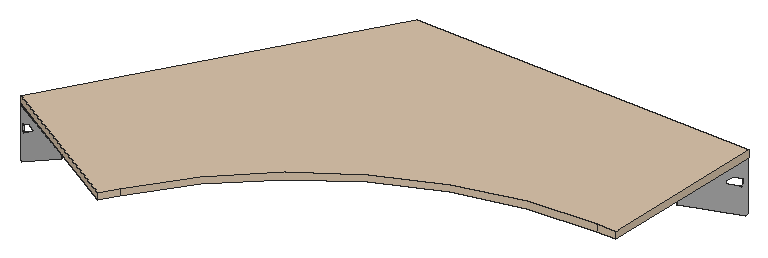
Revit family "Haworth_Compose_Worksurface_Corner120", category Furniture Systems, Revit 2018
Family settings
  Round Connector Dimension = Use Diameter
  Part Type = Normal
  OmniClass Number = 23.40.70.14.64.21
  OmniClass Title = Systems Furniture
  Work Plane-Based = No
  Always vertical = Yes
  Cut with Voids When Loaded = No
  Shared = No
  Room Calculation Point = No
Parameters (values of type "60w x 30d")
  Worksurface Finish = Haworth _ Laminate _ Maple H-AE
  Worksurface Edge Finish = Haworth _ Laminate _ Maple H-AE
  Warranty = "http://www.haworth.com/resources/product-info/warranties"
  URL - Product = "http://www.haworth.com/products/workspaces/panel-based/compose"
  Table Thickness = 0"
  Sustainability Info = "http://media.haworth.com/asset/2999/Compose%20PEDS.pdf"
  Support Right [instance] = yes
  Support Post_90 Degree = no
  Support Post_45 Degree = no
  Support Panel = no
  Support Left [instance] = yes
  Support Finish = Haworth _ Paint _ Metallic Champagne
  Support Column = no
  Shared Cantilever Bracket = no
  Right Leg [instance] = yes
  Support Moxie Left [instance] = no
  No Legs [instance] = not(or(Left Leg, Right Leg))  # no
  Width = 60"
  User Depth = if(and(not(Depth < 30"), not(Width < 60")), 45 51/256", if(and(Depth < 30", not(Width < 54")), 43 77/128", if(and(Depth < 30", not(Width < 48")), 42", if(and(Depth < 30", not(Width < 42")), 40 1/2", if(and(Depth < 30", not(Width < 36")), 38 205/256", if(and(Depth < 24", not(Width < 60")), 39 51/256", if(and(Depth < 24", not(Width < 54")), 37 77/128", if(and(Depth < 24", not(Width < 48")), 36", if(and(Depth < 24", not(Width < 42")), 34 51/128", if(and(Depth < 24", not(Width < 36")), 32 51/256", if(and(Depth < 18", not(Width < 60")), 33 51/256", if(and(Depth < 18", not(Width < 54")), 31 77/128", if(and(Depth < 18", not(Width < 48")), 30", if(and(Depth < 18", not(Width < 42")), 28 51/128", 26 205/256"))))))))))))))  # 45 51/256"
  Support Round Right [instance] = and(Right Leg, or(Disc Base Support, Support Column))  # no
  Support Round Left [instance] = and(Left Leg, or(Disc Base Support, Support Column))  # no
  Support Post Left [instance] = and(Left Leg, or(Support Post_45 Degree, Support Post_90 Degree))  # no
  Support End Left [instance] = and(Left Leg, or(Support Panel, Shared Cantilever Bracket, Cantilever Bracket))  # yes
  Radius = if(not(Width < 60"), 68", if(not(Width < 54"), 60", if(not(Width < 48"), 47 5/8", if(not(Width < 42"), 40", 28"))))  # 68"
  Support Post Right [instance] = and(Right Leg, or(Support Post_45 Degree, Support Post_90 Degree))  # no
  Support Moxie Right [instance] = no
  Model = "WUCZ"  # constant formula
  Min. Height = 26"  # constant formula
  Min. Width = 36"  # constant formula
  Max. Height = 48"  # constant formula
  Max. Width = 60"  # constant formula
  Left Leg [instance] = yes
  Half Width = Actual Depth / 2  # 15"
  Support End Right [instance] = and(Right Leg, or(Support Panel, Shared Cantilever Bracket, Cantilever Bracket))  # yes
  Disc Base Support = no
  Depth = 30"
  URL = "www.haworth.com"
  Support Height = Actual Height - Top Thickness  # 27 13/16"
  Size = "Verify Final Dim. w/ Haworth"  # constant formula
  Revision Number = "3"  # constant formula
  Min/Max Width = "36-60 in."  # constant formula
  Min. Length = 18"  # constant formula
  Max. Length = 30"  # constant formula
  Manufacturer = "Haworth"  # constant formula
  Height = 29"
  End Support Location = if(Support Panel, 3/4", 1 3/4")  # 1 3/4"
  Description = "Haworth - Worksurface - Compose Corner - 120"  # constant formula
  Custom Size = not(and(and(not(Height > 32"), not(Height < 26")), or(Depth = 18", Depth = 24", Depth = 30"), or(Width = 36", Width = 42", Width = 48", Width = 54", Width = 60")))  # no
  Cantilever Bracket Location = 2"  # constant formula
  Cantilever Bracket = yes
  Author = "SHAPE Environments, LLC"  # constant formula
  Assembly Code = "E2020200"
  Actual Width = if(Width > Max. Width, Max. Width, if(Width < Min. Width, Min. Width, Width))  # 60"
  Actual Height = if(Height > Max. Height, Max. Height, if(Height < Min. Height, Min. Height, Height))  # 29"
  Top Thickness = 1 3/16"  # constant formula
  Standard Depths = "18, 24, 30 in."  # constant formula
  Actual Depth = if(Depth > Max. Length, Max. Length, if(Depth < Min. Length, Min. Length, Depth))  # 30"
Reference planes (in)
  plane 1 "Floor": z = 0
  plane 2 "Top": z = 29
  plane 3 "Table Bottom": z = 27.8125
  plane 4 "Back": y = 12
  plane 5 "Bend": x = -30
  plane 6 "Front": y = -18
  plane 7 "Right": x = 30
  plane 8 "Back 2": through (-32.59808, 7.5, 48) normal (0.866, -0.5, 0)
  plane 9 "Front 2": through (-6.61731, -7.5, 48) normal (0.866, -0.5, 0)
  plane 10 "Bend 2": through (-30, 12, 48) normal (0.5, 0.866, 0)
  plane 11 "Left": through (-60, -39.96152, 48) normal (0.5, 0.866, 0)
  plane 12 "Center L/R": through (-30, 12, 48) normal (0.866, 0.5, 0)
  plane 13: through (-30, 12, 48) normal (-0.5, 0.866, 0)
  plane 14 "masking region": z = 27
Forms (in)
  Extrusion 1, solid, material "Haworth _ Laminate _ Maple H-AE" <- "Worksurface Finish"
    sketch origin (3.8345, -23.54284, 0) x (-1, 0, 0) y (0, -1, 0)
      loop
        line (33.8345, -35.54284) -> (63.8345, 16.41868) -> (37.85373, 31.41868) -> (36.1439, 28.45716)
        arc (36.1439, 28.45716) -> (11.25417, 3.56743) -> (-22.74583, -5.54284) r 68
        line (-22.74583, -5.54284) -> (-26.1655, -5.54284) -> (-26.1655, -35.54284) -> (33.8345, -35.54284)
    from 27.8125 to 29
Lines and regions (in)
  symbolic lines
    curve 1: line (30, -18, 0) -> (30, 12, 0)
Dimensions and locks (in)
  "Actual Height": plane 2 "Top" to level
  "Top Thickness": plane 2 "Top" to plane 3 "Table Bottom"
  "Actual Width": plane 7 "Right" to plane 5 "Bend"
  "Actual Depth": plane 4 "Back" to plane 6 "Front"
  "Actual Depth": plane 8 "Back 2" to plane 9 "Front 2"
  "Actual Width": plane 11 "Left" to plane 10 "Bend 2"
  locked: plane 11 "Left" to nested 1 at 12
  "Half Width": plane 8 "Back 2" to nested 1
  locked: plane 11 "Left" to nested 2 at 1.125
  locked: plane 11 "Left" to nested 3 at 3
  locked: nested 3 to plane 9 "Front 2" at 3
  "End Support Location": nested 4 to plane 7 "Right"
  locked: nested 6 to plane 7 "Right" at 1.125
  locked: nested 7 to plane 7 "Right" at 3
  locked: nested 5 to plane 7 "Right" at 12
  "Half Width": plane 4 "Back" to nested 5
  equal spacing: plane 6 "Front", nested 6, plane 4 "Back"
  equal spacing: Extrusion 1, nested 2, plane 9 "Front 2"
  locked: plane 6 "Front" to nested 7 at 3
  locked: plane 2 "Top" to plane 14 "masking region" at 2
  "Radius": radius of Extrusion 1 sketch curve
  angle plane 8 "Back 2" to plane 4 "Back" = 120.00°
  angle Extrusion 1 sketch curve to Extrusion 1 sketch curve = 60.00°
  aligned: Extrusion 1 to plane 4 "Back"
  aligned: plane 7 "Right" to Extrusion 1
  aligned and locked: plane 8 "Back 2" to nested 2
  aligned and locked: Extrusion 1 sketch curve to plane 8 "Back 2"
  aligned and locked: Extrusion 1 sketch curve to plane 4 "Back"
  aligned and locked: plane 7 "Right" to Extrusion 1 sketch curve
  aligned and locked: plane 11 "Left" to Extrusion 1 sketch curve
  aligned and locked: plane 9 "Front 2" to Extrusion 1 sketch curve
  aligned and locked: plane 6 "Front" to Extrusion 1 sketch curve
  aligned and locked: Extrusion 1 to plane 2 "Top"
  aligned and locked: Extrusion 1 to plane 3 "Table Bottom"
  aligned and locked: nested 8 to Extrusion 1
  aligned and locked: Extrusion 1 to nested 9  (x2)
  aligned and locked: nested 9 to nested 10
  aligned and locked: Extrusion 1 to nested 10
  aligned and locked: nested 11 to Extrusion 1
  aligned and locked: nested 12 to Extrusion 1
Automatic sketch dimensions
  plane 6 "Front" to curve 1 = 0"
  curve 1 to plane 4 "Back" = 0"
  curve 1 to plane 7 "Right" = 0"
Nested families (in)
  nested 1: "Haworth_Worksurface-Support_Part-Round" at (-36.24648, -39.81922, 0) x (0.5, 0.866, 0) z (0, 0, 1), visible <- "Support Round Left", type "Base"
    with Support Column no, Disc Base no
  nested 2: "Haworth_Worksurface-Support_Part-End-Moxie" at (-56.23605, -50.65056, 0) x (0.5, 0.866, 0) z (0, 0, 1), visible <- "Support Moxie Left", type "Support"
  nested 3: "Haworth_Worksurface-Support_Part-Leg" at (-57.7611, -47.60501, 0) x (0.5, 0.866, 0) z (0, 0, 1), visible <- "Support Post Left", type "Support"
  nested 4: "Haworth_Worksurface-Support_Part-End" at (36.75, 4.86431, 0) x (-1, 0, 0) z (0, 0, 1), visible <- "Support End Right", type "Support"
  nested 5: "Haworth_Worksurface-Support_Part-Round" at (18, -8.5, 0) x (-1, 0, 0) z (0, 0, 1), visible <- "Support Round Right", type "Base"
    with Support Column no, Disc Base no
  nested 6: "Haworth_Worksurface-Support_Part-End-Moxie" at (37.375, 3.39581, 0) x (-1, 0, 0) z (0, 0, 1), visible <- "Support Moxie Right", type "Support"
  nested 7: "Haworth_Worksurface-Support_Part-Leg" at (35.5, 6.23931, 0) x (-1, 0, 0) z (0, 0, 1), visible <- "Support Post Right", type "Support"
  nested 8: "Haworth_Worksurface-Support_Part-Shared-Cantilever-Compose" at (38.45312, 4.86431, 0) x (-1, 0, 0) z (0, 0, 1), visible <- "Right Leg", type "Support"
    with Support Height 27 3/4", Cantilever Bracket no, Actual Height 27 3/4"
  nested 9: "Haworth_Worksurface-Support_Part-Shared-Cantilever-Compose" at (-58.04687, -50.84999, 0) x (0.5, 0.866, 0) z (0, 0, 1), visible <- "Left Leg", type "Support"
    with Support Height 27 3/4", Cantilever Bracket no, Actual Height 27 3/4"
  nested 10: "Haworth_Worksurface-Support_Part-Cantilever-Compose" at (-58.04687, -50.84999, -1.25) x (0.5, 0.866, 0) z (0, 0, 1), visible <- "Left Leg", type "Support"
    with Worksurface Height 27 3/4", Top Thickness 0", Support Height 29", Actual Top Thickness 1"
  nested 11: "Haworth_Worksurface-Support_Part-Cantilever-Compose" at (38.45312, 4.86431, -1.25) x (-1, 0, 0) z (0, 0, 1), visible <- "Right Leg", type "Support"
    with Worksurface Height 27 3/4", Top Thickness 0", Support Height 29", Actual Top Thickness 1"
  nested 12: "Haworth_Worksurface-Support_Part-End" at (-57.57031, -50.02456, 0) x (0.5, 0.866, 0) z (0, 0, 1), visible <- "Support End Left", type "Support"
Definition of nested family "Haworth_Worksurface-Support_Part-Cantilever-Compose"
  Parameters
    Worksurface Height = 29"
    Worksurface Depth = 30"
    Warranty = ""
    URL - Product = ""
    URL = "www.haworth.com"
    Top Thickness = 1 3/16"
    Sustainability Info = ""
    Support Thickness = 3/32"  # constant formula
    Support Height = Actual Height - Top Thickness  # 27 13/16"
    Support Finish = none
    Support Depth = 16"  # constant formula
    Size = "Verify Final Dim. w/ Haworth"  # constant formula
    Revision Number = "1"  # constant formula
    Model = "Worksurface"
    Standard Height = "12.75 in."  # constant formula
    Standard Depth = "15.75 in."  # constant formula
    Min. Height = 20"  # constant formula
    Min. Depth = 18"  # constant formula
    Max. Height = 48"  # constant formula
    Max. Depth = 36"  # constant formula
    Manufacturer = "Haworth"  # constant formula
    LEED Data = ""
    Description = "Worksurface Support End"  # constant formula
    Cantilever Bracket = yes
    Bottom Strut Thickness = 1"  # constant formula
    Bottom Strut Location = 9"  # constant formula
    Author = "SHAPE Environments, LLC"  # constant formula
    Assembly Code = ""
    Actual Top Thickness = if(Top Thickness > 3", 3", if(Top Thickness < 1", 1", Top Thickness))  # 1 3/16"
    Actual Height = 29"
    Actual Depth = 30"
  Reference planes (in)
    plane 1: z = 0
    plane 2 "Center L/R": x = 8.5
    plane 3 "Support Left Edge": x = 8.45312
    plane 4 "Support Right Edge": x = 8.54688
    plane 5 "Back": y = 7.13569
    plane 6 "Front": y = -8.86431
    plane 7 "Support Top": z = 27.8125
  Forms (in)
    Extrusion 1, solid, material <- "Support Finish", visible <- "Cantilever Bracket"
      sketch origin (8.45312, 0, 0) x (0, -1, 0) y (0, 0, 1)
        loop
          line (-7.13569, 27.71875) -> (-7.13569, 18.71875) -> (-6.51069, 18.71875) -> (8.86431, 27.23304) -> (8.86431, 27.71875) -> (-7.13569, 27.71875)
        loop
          line (-2.13709, 26.21875) -> (-3.85577, 26.21875)
          arc (-3.85577, 26.21875) -> (-3.91832, 26.2108) -> (-3.97688, 26.18745) r 0.25
          line (-3.97688, 26.18745) -> (-5.94171, 25.09938)
          arc (-5.94171, 25.09938) -> (-5.99206, 25.0533) -> (-6.01069, 24.98764) r 0.125
          line (-6.01069, 24.98764) -> (-6.01069, 24.06204)
          arc (-6.01069, 24.06204) -> (-5.88914, 23.84756) -> (-5.64268, 23.84164) r 0.25
          line (-5.64268, 23.84164) -> (-2.03161, 25.84136)
          arc (-2.03161, 25.84136) -> (-1.94116, 26.07007) -> (-2.13709, 26.21875) r 0.20343
      from 0 to -0.09375
    Extrusion 2, solid, material <- "Support Finish", visible <- "Cantilever Bracket"
      sketch origin (0, 0, 27.8125) x (-1, 0, 0) y (0, -1, 0)
        loop
          line (-8.45313, -6.51069) -> (-8.45312, 8.86431) -> (-10.07812, 8.86431) -> (-10.07813, -6.51069) -> (-8.45313, -6.51069)
      from 0 to -0.09375
  Cuts and joins
    joined: Extrusion 1, Extrusion 2
  Lines and regions (in)
    symbolic lines, visible <- "Cantilever Bracket", detail levels fine
      curve 1: line (8.45312, 7.13569, 0) -> (8.54688, 7.13569, 0)
      curve 2: line (8.45312, -8.86431, 0) -> (8.45312, 7.13569, 0)
      curve 3: line (10.07813, -8.86431, 0) -> (8.45312, -8.86431, 0)
      curve 4: line (8.54688, 7.13569, 0) -> (8.54688, 6.51069, 0)
      curve 5: line (8.54688, 6.51069, 0) -> (10.07813, 6.51069, 0)
      curve 6: line (10.07813, 6.51069, 0) -> (10.07813, -8.86431, 0)
  Dimensions and locks (in)
    "Support Thickness": plane 3 "Support Left Edge" to plane 4 "Support Right Edge"
    equal spacing: plane 3 "Support Left Edge", plane 2 "Center L/R", plane 4 "Support Right Edge"
    "Support Depth": plane 5 "Back" to plane 6 "Front"
    "Support Height": plane 7 "Support Top" to level
    locked: Extrusion 1 sketch curve to Extrusion 1 sketch curve at 9
    locked: Extrusion 1 sketch curve to Extrusion 1 sketch curve at 1.125
    locked: Extrusion 1 sketch curve to Extrusion 1 sketch curve at 1.5
    aligned and locked: plane 4 "Support Right Edge" to Extrusion 1
    aligned and locked: plane 7 "Support Top" to Extrusion 2
  Automatic sketch dimensions
    Extrusion 2 sketch curve to plane 6 "Front" = 0"
    Extrusion 2 sketch curve to plane 3 "Support Left Edge" = 0"
    plane 4 "Support Right Edge" to Extrusion 2 sketch curve = 1 17/32"
    Extrusion 2 sketch curve to plane 5 "Back" = 5/8"
    Extrusion 1 sketch curve to plane 5 "Back" = 0"
    Extrusion 1 sketch curve to plane 6 "Front" = 0"
    Extrusion 1 sketch curve to plane 5 "Back" = 5/8"
    Extrusion 1 sketch curve to Extrusion 1 sketch curve = 0.06898"
    Extrusion 1 sketch curve to Extrusion 1 sketch curve = 1/8"
    Extrusion 1 sketch curve to Extrusion 1 sketch curve = 1/4"  (x2)
    Extrusion 1 sketch curve to Extrusion 1 sketch curve = 0.11801"
    Extrusion 1 sketch curve to Extrusion 1 sketch curve = 1 247/256"
    Extrusion 1 sketch curve to Extrusion 1 sketch curve = 31/256"
    Extrusion 1 sketch curve to Extrusion 1 sketch curve = 1.71868"
    Extrusion 1 sketch curve to Extrusion 1 sketch curve = 27/256"
    Extrusion 1 sketch curve to plane 7 "Support Top" = 9 3/32"
    Extrusion 1 sketch curve to Extrusion 1 sketch curve = 2.37711"
    Extrusion 1 sketch curve to Extrusion 1 sketch curve = 0.9256"
    Extrusion 1 sketch curve to Extrusion 1 sketch curve = 0.37739"
    Extrusion 1 sketch curve to Extrusion 1 sketch curve = 0.48571"
    curve 3 to plane 3 "Support Left Edge" = 0"
    curve 1 to plane 4 "Support Right Edge" = 0"
    curve 6 to plane 6 "Front" = 0"
    curve 4 to plane 5 "Back" = 0"
    curve 6 to plane 5 "Back" = 5/8"
    plane 4 "Support Right Edge" to curve 6 = 1 17/32"
Definition of nested family "Haworth_Worksurface-Support_Part-Round"
  Parameters
    Warranty = ""
    URL - Product = ""
    URL = "www.haworth.com"
    Support Column = yes
    Leg Height = 27 13/16"
    Disc Radius = 10 1/2"
    Disc Base = yes
    Base Finish = none
    Sustainability Info = ""
    Size = "Verify Final Dim. w/ Haworth"  # constant formula
    Revision Number = ""
    OmniClass Number = ""
    Material Options = ""
    Manufacturer = "Haworth"  # constant formula
    LEED Data = ""
    Author = "SHAPE Environments, LLC"  # constant formula
    Assembly Code = ""
  Reference planes (in)
    plane 1 "Center F/B": y = 5.5
    plane 2: z = 0
    plane 3 "Center L/R": x = 0
    plane 4 "Table Bottom": z = 27.8125
  Forms (in)
    Revolve 1, solid, material <- "Base Finish", visible <- "Disc Base"
      sketch origin (0, 5.5, 0) x (1, 0, 0) y (0, 0, 1)
        loop
          line (0, 27.8125) -> (-1.5, 27.8125) -> (-1.5, 1.25) -> (-3.53244, 1.25) -> (-4.28244, 0.5) -> (-10.5, 0.5) -> (-10.5, 0) -> (0, 0) -> (0, 27.8125)
        axis (0, 27.8125) -> (0, 0)
      angle from 0 to 360
    Revolve 2, solid, material <- "Base Finish", visible <- "Support Column"
      sketch origin (0, 5.5, 0) x (1, 0, 0) y (0, 0, 1)
        loop
          line (0, 27.8125) -> (-1.5, 27.8125) -> (-1.5, 0) -> (0, 0) -> (0, 27.8125)
        axis (0, 27.8125) -> (0, 0)
      angle from 0 to 360
  Lines and regions (in)
    symbolic lines, visible <- "Disc Base", detail levels fine
      curve 1: circle (0, 5.5, 0) r 10.5 normal (0, 0, 1)
      curve 3: circle (0, 5.5, 0) r 1.5 normal (0, 0, 1)
    symbolic lines, visible <- "Support Column", detail levels fine
      curve 2: circle (0, 5.5, 0) r 1.5 normal (0, 0, 1)
  Dimensions and locks (in)
    "Disc Radius": plane 3 "Center L/R" to Revolve 1 sketch curve
    "Leg Height": plane 4 "Table Bottom" to level
    plane 3 "Center L/R" to Revolve 1 sketch curve = 1 1/2"
    locked: plane 3 "Center L/R" to Revolve 2 sketch curve at 1.5
    aligned and locked: Revolve 1 to plane 4 "Table Bottom"  (x2)
  Automatic sketch dimensions
    Revolve 1 sketch curve to level = 0"
    Revolve 1 sketch curve to plane 4 "Table Bottom" = 0"
    Revolve 1 sketch curve to plane 3 "Center L/R" = 0"  (x2)
    Revolve 1 sketch curve to Revolve 1 sketch curve = 2.03244"
    level to Revolve 1 sketch curve = 1/2"
    Revolve 1 sketch curve to Revolve 1 sketch curve = 3/4"
    Revolve 1 sketch curve to Revolve 1 sketch curve = 6.24462"
    level to Revolve 1 sketch curve = 1 1/4"
    Revolve 1 sketch curve to Revolve 1 sketch curve = 7.21204"
    Revolve 2 sketch curve to plane 4 "Table Bottom" = 0"
    Revolve 2 sketch curve to plane 3 "Center L/R" = 0"  (x2)
    Revolve 2 sketch curve to Revolve 2 sketch curve = 6.24462"
    Revolve 2 sketch curve to Revolve 2 sketch curve = 7.21204"
    Revolve 2 sketch curve to level = 0"
    curve 1 to curve 2 = 0"  (x2)
    curve 1 to curve 3 = 0"  (x2)
    curve 2 to curve 3 = 0"  (x2)
    plane 1 "Center F/B" to curve 2 = 0"
    curve 2 to plane 3 "Center L/R" = 0"
    radius of curve 1 = 10 1/2"
    radius of curve 2 = 1 1/2"
    radius of curve 3 = 1 1/2"
Definition of nested family "Haworth_Worksurface-Support_Part-End-Moxie"
  Parameters
    Top Thickness = 1 3/16"
    Support Height = Actual Height - Actual Top Thickness  # 27 13/16"
    Offset Adjuster = (Support Height - 22 13/16") / tan(76.21°)  # 1.22719"
    Moxie Leg = or(Support Freestanding Single, Support Freestanding Double, Support Panel Mounted)  # no
    Model = "Worksurface"
    Worksurface Height = 29"
    Warranty = "www.haworth.com/en-us/Products/Pages/Certifications.aspx"
    URL - Product = "www.haworth.com/en-us/Products/Furniture/Systems/Desking-Systems/Pages/Compose.aspx"
    URL = "www.haworth.com"
    Worksurface Depth = 30"
    Sustainability Info = "www.haworth.com/en-us/About-Us/Sustainability/Pages/Vision.aspx"
    Support Finish = none
    Size = "Verify Final Dim. w/ Haworth"  # constant formula
    Revision Number = "1"  # constant formula
    Min/Max Depth = "18-36 in."  # constant formula
    Min/Max Height = "26-32 in."  # constant formula
    Min. Height = 20"  # constant formula
    Min. Depth = if(Support Freestanding Double, 48", 18")  # 18"
    Max. Height = 48"  # constant formula
    Max. Depth = if(Support Freestanding Double, 72", 36")  # 36"
    Manufacturer = "Haworth"  # constant formula
    LEED Data = "www.haworth.com/_layouts/Haworth.ProductCatalog/Handlers/GetAsset.ashx/ComposeLEEDContributions.pdf?cid=27&rid=1824&type=Leed"
    Support Freestanding Single = no
    Support Freestanding Double = no
    Description = "Worksurface Support Moxie"  # constant formula
    Support Panel Mounted = no
    Back Offset = if(Support Freestanding Double, 7 63/256", if(Support Panel Mounted, 1", 3"))  # 3"
    Back Angle = if(Support Freestanding Double, 76.21°, 90.00°)  # 90.00°
    Author = "SHAPE Environments, LLC"  # constant formula
    Assembly Code = "E2020200"
    Actual Top Thickness = if(Top Thickness > 3", 3", if(Top Thickness < 1", 1", Top Thickness))  # 1 3/16"
    Actual Height = 29"
    Actual Depth = 30"
  Reference planes (in)
    plane 1: z = 0
    plane 2 "Center L/R": x = 8.5
    plane 3 "Back": y = 8.60419
    plane 4 "Front": y = -21.39581
    plane 5 "Support Top": z = 27.8125
    plane 6 "Strut Bottom": z = 18.3125
    plane 7 "Strut Top": z = 24.1875
    plane 8 "Front Support Interior": y = -18.64581
    plane 9 "Back Support Interior": y = 5.60419
    plane 10 "Top of Adjuster": z = 5
    plane 11 "Top of Caster": z = 0
    plane 12 "Angle Ref 2": y = -11.81955
    plane 13 "Angle Ref 1": y = -17.41861
    plane 14: y = -0.97207
    plane 15: y = 4.627
    plane 16: y = 5.85419
    plane 17 "Center F/B": y = -6.39581
  Forms (in)
    Blend 1, solid, visible <- "Moxie Leg"
      base sketch origin (0, -1.25, 0) x (0, 1, 0) y (-1, 0, 0)
        loop
          circle (-17.39581, -8.5) r 0.75
      top sketch origin (0, -1.25, 0) x (0, 1, 0) y (-1, 0, 0)
        loop
          circle (-16.16861, -8.5) r 0.75
      from 0 to 5
    Blend 2, solid, material <- "Support Finish", visible <- "Moxie Leg"
      base sketch origin (0, -1.25, 5) x (0, 1, 0) y (-1, 0, 0)
        loop
          circle (-16.16861, -8.5) r 0.875
      top sketch origin (0, -1.25, 5) x (0, 1, 0) y (-1, 0, 0)
        loop
          circle (-10.56955, -8.5) r 0.875
      from 0 to 22.8125
    Extrusion 3, solid, material <- "Support Finish", visible <- "Moxie Leg"
      sketch origin (8.5, 0, 0) x (0, 1, 0) y (0, 0, 1)
        loop
          line (-14.15121, 18.3125) -> (5.60419, 18.3125) -> (5.60419, 24.1875) -> (-12.70926, 24.1875) -> (-14.15121, 18.3125)
      from -0.5 to 0.5
    Blend 4, solid, visible <- "Support Freestanding Double"
      base sketch origin (0, -14.47887, 0) x (0, -1, 0) y (1, 0, 0)
        loop
          circle (-20.33306, 8.5) r 0.75
      top sketch origin (0, -14.47887, 0) x (0, -1, 0) y (1, 0, 0)
        loop
          circle (-19.10587, 8.5) r 0.75
      from 0 to 5
    Blend 5, solid, material <- "Support Finish", visible <- "Support Freestanding Double"
      base sketch origin (0, -14.47887, 5) x (0, -1, 0) y (1, 0, 0)
        loop
          circle (-19.10587, 8.5) r 0.875
      top sketch origin (0, -14.47887, 5) x (0, -1, 0) y (1, 0, 0)
        loop
          circle (-13.5068, 8.5) r 0.875
      from 0 to 22.8125
    Extrusion 6, solid, material <- "Support Finish", visible <- "Support Panel Mounted"
      sketch origin (0, 5.13569, 18.3125) x (0, 1, 0) y (-1, 0, 0)
        loop
          line (3.4685, -7.625) -> (2.4685, -7.625)
          arc (2.4685, -7.625) -> (1.5935, -8.5) -> (2.4685, -9.375) r 0.875
          line (2.4685, -9.375) -> (3.4685, -9.375) -> (3.4685, -7.625)
      from -0.125 to 9.5
    Revolve 7, solid, material <- "Support Finish", visible <- "Support Freestanding Single"
      sketch origin (8.5, 0, 0) x (0, 1, 0) y (0, 0, 1)
        loop
          line (5.85419, 0) -> (5.85419, 27.8125) -> (4.97919, 27.8125) -> (4.97919, 5) -> (5.10419, 5) -> (5.10419, 0) -> (5.85419, 0)
        axis (5.85419, 27.8125) -> (5.85419, 0)
      angle from 0 to 360
  Lines and regions (in)
    symbolic lines, not visible, detail levels coarse
      curve 1: line (8.5, -11.81955, 27.8125) -> (8.5, -18.64581, 0)
      curve 2: line (8.5, -0.97207, 27.8125) -> (8.5, 5.85444, 0)
    symbolic lines, visible <- "Support Panel Mounted", detail levels fine
      curve 3: line (7.625, -11.81955, 0) -> (7.625, -17.41861, 0)
      curve 4: arc (7.625, -17.41861, 0) -> (8.5, -18.29361, 0) -> (9.375, -17.41861, 0) r 0.875
      curve 5: line (9.375, -17.41861, 0) -> (9.375, -11.81955, 0)
      curve 6: arc (9.375, -11.81955, 0) -> (8.5, -10.94455, 0) -> (7.625, -11.81955, 0) r 0.875
      curve 7: line (9, -11.10148, 0) -> (9, 6.88612, 0)
      curve 8: line (8, -11.10148, 0) -> (8, 6.88612, 0)
      curve 9: line (7.625, 7.60419, 0) -> (7.625, 8.60419, 0)
      curve 10: line (7.625, 8.60419, 0) -> (9.375, 8.60419, 0)
      curve 11: line (9.375, 8.60419, 0) -> (9.375, 7.60419, 0)
      curve 12: arc (7.625, 7.60419, 0) -> (8.5, 6.72919, 0) -> (9.375, 7.60419, 0) r 0.875
    symbolic lines, visible <- "Support Freestanding Single", detail levels fine
      curve 13: line (7.625, -11.81955, 0) -> (7.625, -17.41861, 0)
      curve 14: arc (7.625, -17.41861, 0) -> (8.5, -18.29361, 0) -> (9.375, -17.41861, 0) r 0.875
      curve 15: line (9.375, -17.41861, 0) -> (9.375, -11.81955, 0)
      curve 16: arc (9.375, -11.81955, 0) -> (8.5, -10.94455, 0) -> (7.625, -11.81955, 0) r 0.875
      curve 17: line (9, -11.10148, 0) -> (9, 5.13612, 0)
      curve 18: line (8, -11.10148, 0) -> (8, 5.13612, 0)
      curve 25: arc (9, 5.13612, 0) -> (8.5, 6.72919, 0) -> (8, 5.13612, 0) r 0.875
    symbolic lines, visible <- "Support Freestanding Double", detail levels fine
      curve 19: line (7.625, -11.81955, 0) -> (7.625, -17.41861, 0)
      curve 20: arc (7.625, -17.41861, 0) -> (8.5, -18.29361, 0) -> (9.375, -17.41861, 0) r 0.875
      curve 21: line (9.375, -17.41861, 0) -> (9.375, -11.81955, 0)
      curve 22: arc (9.375, -11.81955, 0) -> (8.5, -10.94455, 0) -> (7.625, -11.81955, 0) r 0.875
      curve 23: line (9, -11.10148, 0) -> (9, -1.69014, 0)
      curve 24: line (8, -11.10148, 0) -> (8, -1.69014, 0)
      curve 26: line (7.625, -0.97207, 0) -> (7.625, 4.627, 0)
      curve 27: arc (7.625, 4.627, 0) -> (8.5, 5.502, 0) -> (9.375, 4.627, 0) r 0.875
      curve 28: line (9.375, 4.627, 0) -> (9.375, -0.97207, 0)
      curve 29: arc (9.375, -0.97207, 0) -> (8.5, -1.84707, 0) -> (7.625, -0.97207, 0) r 0.875
  Dimensions and locks (in)
    "Actual Depth": plane 3 "Back" to plane 4 "Front"
    "Support Height": plane 5 "Support Top" to level
    plane 5 "Support Top" to plane 7 "Strut Top" = 3 5/8"
    locked: plane 5 "Support Top" to plane 10 "Top of Adjuster" at 22.8125
    plane 7 "Strut Top" to plane 6 "Strut Bottom" = 5 7/8"
    "Back Offset": plane 3 "Back" to plane 9 "Back Support Interior"
    plane 9 "Back Support Interior" to Extrusion 3 sketch curve = 0"
    plane 3 "Back" to Extrusion 6 sketch curve = 1 7/8"
    locked: Blend 1 sketch curve to plane 8 "Front Support Interior"
    locked: plane 3 "Back" to plane 16 at 2.75
    equal spacing: plane 3 "Back", plane 17 "Center F/B", plane 4 "Front"
    locked: plane 8 "Front Support Interior" to plane 4 "Front" at 2.75
    locked: plane 12 "Angle Ref 2" to plane 13 "Angle Ref 1" at 5.59907
    locked: plane 15 to plane 14 at 5.59907
    "Offset Adjuster": plane 16 to plane 15
    "Offset Adjuster": plane 13 "Angle Ref 1" to plane 8 "Front Support Interior"
    plane 16 to Revolve 7 sketch curve = 3/4"
    plane 16 to Revolve 7 sketch curve = 7/8"
    "Back Angle": angle Extrusion 3 sketch curve to Extrusion 3 sketch curve
    angle curve 1 to level = 76.21°
    angle level to curve 2 = 76.2095°
    aligned and locked: plane 12 "Angle Ref 2" to Blend 2 sketch curve
    aligned and locked: plane 5 "Support Top" to Blend 2
    aligned and locked: Blend 2 to plane 10 "Top of Adjuster"
    aligned and locked: plane 10 "Top of Adjuster" to Blend 1
    aligned and locked: Blend 1 to plane 11 "Top of Caster"
    aligned and locked: Blend 5 sketch curve to plane 14
    aligned and locked: plane 16 to Blend 4 sketch curve
    aligned and locked: plane 5 "Support Top" to Extrusion 6
    aligned: Extrusion 6 to plane 6 "Strut Bottom"
    aligned and locked: plane 5 "Support Top" to Blend 5
    aligned and locked: Blend 4 to level
    aligned and locked: plane 10 "Top of Adjuster" to Blend 4
    aligned and locked: Extrusion 3 sketch curve to curve 1
    aligned and locked: Revolve 7 sketch curve to plane 16
    aligned and locked: Revolve 7 sketch curve to plane 10 "Top of Adjuster"
  Automatic sketch dimensions
    Blend 1 sketch curve to plane 2 "Center L/R" = 0"  (x2)
    Blend 1 sketch curve to plane 13 "Angle Ref 1" = 0"
    Blend 2 sketch curve to plane 2 "Center L/R" = 0"  (x2)
    Blend 2 sketch curve to plane 13 "Angle Ref 1" = 0"
    Blend 4 sketch curve to plane 2 "Center L/R" = 0"  (x2)
    plane 15 to Blend 4 sketch curve = 0"
    Blend 5 sketch curve to plane 2 "Center L/R" = 0"  (x2)
    plane 15 to Blend 5 sketch curve = 0"
    Extrusion 6 sketch curve to plane 2 "Center L/R" = 0"
    Extrusion 6 sketch curve to plane 3 "Back" = 0"
    plane 2 "Center L/R" to Extrusion 6 sketch curve = 7/8"
    curve 29 to plane 14 = 0"
    curve 20 to plane 13 "Angle Ref 1" = 0"
    plane 15 to curve 27 = 0"
    plane 12 "Angle Ref 2" to curve 6 = 0"
    curve 9 to plane 3 "Back" = 0"
    curve 4 to plane 2 "Center L/R" = 0"
    curve 25 to plane 2 "Center L/R" = 0"
    curve 12 to plane 2 "Center L/R" = 0"
    plane 16 to curve 25 = 0"
    curve 18 to plane 2 "Center L/R" = 1/2"
    curve 8 to plane 2 "Center L/R" = 1/2"
    curve 16 to curve 8 = 3/8"
    curve 12 to curve 8 = 3/8"
    curve 22 to curve 29 = 0"
    curve 23 to curve 21 = 3/8"
    plane 2 "Center L/R" to curve 7 = 1/2"
    plane 2 "Center L/R" to curve 25 = 1/2"
    curve 17 to plane 15 = 0.50912"
    curve 8 to plane 16 = 1.03193"
    curve 1 to level = 0"
    curve 1 to plane 8 "Front Support Interior" = 0"
    curve 2 to plane 5 "Support Top" = 0"
    curve 2 to plane 14 = 0"
    Extrusion 3 sketch curve to plane 6 "Strut Bottom" = 0"
    Extrusion 3 sketch curve to plane 7 "Strut Top" = 0"
    Revolve 7 sketch curve to level = 0"
    Revolve 7 sketch curve to plane 16 = 0"
    Revolve 7 sketch curve to plane 5 "Support Top" = 0"
    Revolve 7 sketch curve to Revolve 7 sketch curve = 1"
    Revolve 7 sketch curve to Revolve 7 sketch curve = 7"
    curve 24 to plane 14 = 0.71807"
    curve 27 to curve 27 = 7/8"
    radius of Blend 1 sketch curve = 3/4"  (x2)
    radius of Blend 2 sketch curve = 7/8"  (x2)
    radius of Blend 4 sketch curve = 3/4"  (x2)
    radius of Blend 5 sketch curve = 7/8"  (x2)
Definition of nested family "Haworth_Worksurface-Support_Part-Leg"
  Parameters
    Top Thickness = 1 3/16"
    Support Post Standard = no
    Support Post 45 Degree = no
    Support Height = Actual Height - Top Thickness  # 27 13/16"
    Model = "Worksurface"
    Worksurface Height = 29"
    Warranty = "www.haworth.com/en-us/Products/Pages/Certifications.aspx"
    URL - Product = "www.haworth.com/en-us/Products/Furniture/Systems/Desking-Systems/Pages/Compose.aspx"
    URL = "www.haworth.com"
    Sustainability Info = "www.haworth.com/en-us/About-Us/Sustainability/Pages/Vision.aspx"
    Support Finish = none
    Size = "Verify Final Dim. w/ Haworth"  # constant formula
    Revision Number = "1"  # constant formula
    Min/Max Height = "26-32 in."  # constant formula
    Min. Height = 20"  # constant formula
    Max. Height = 48"  # constant formula
    Manufacturer = "Haworth"  # constant formula
    LEED Data = "www.haworth.com/_layouts/Haworth.ProductCatalog/Handlers/GetAsset.ashx/ComposeLEEDContributions.pdf?cid=27&rid=1824&type=Leed"
    Description = "Worksurface Support"  # constant formula
    Author = "SHAPE Environments, LLC"  # constant formula
    Assembly Code = "E2020200"
    Actual Top Thickness = if(Top Thickness > 3", 3", if(Top Thickness < 1", 1", Top Thickness))  # 1 3/16"
    Actual Height = 29"
  Reference planes (in)
    plane 1: z = 0
    plane 2 "Center L/R": x = 8.5
    plane 3 "Support Top": z = 27.8125
    plane 4 "Center F/B": y = -21.23931
  Forms (in)
    Extrusion 1, solid, material <- "Support Finish", visible <- "Support Post Standard"
      sketch origin (0, 0, 0) x (1, 0, 0) y (0, 1, 0)
        loop
          line (7.75, -22.86431) -> (9.25, -22.86431) -> (9.25, -19.61431) -> (7.75, -19.61431) -> (7.75, -22.86431)
      from 0 to 27.8125
    Extrusion 2, solid, material <- "Support Finish", visible <- "Support Post 45 Degree"
      sketch origin (17.50805, -0.21044, 0) x (0.707107, -0.707107, 0) y (0.707107, 0.707107, 0)
        loop
          line (7.75, -22.86431) -> (9.25, -22.86431) -> (9.25, -19.61431) -> (7.75, -19.61431) -> (7.75, -22.86431)
      from 0 to 27.8125
  Lines and regions (in)
    symbolic lines, visible <- "Support Post Standard", detail levels fine
      curve 1: line (7.75, -19.61431, 0) -> (9.25, -19.61431, 0)
      curve 2: line (7.75, -22.86431, 0) -> (7.75, -19.61431, 0)
      curve 3: line (9.25, -22.86431, 0) -> (7.75, -22.86431, 0)
      curve 4: line (9.25, -19.61431, 0) -> (9.25, -22.86431, 0)
    symbolic lines, visible <- "Support Post 45 Degree", detail levels fine
      curve 5: line (6.82062, -21.85803, 0) -> (9.11872, -19.55993, 0)
      curve 6: line (9.11872, -19.55993, 0) -> (10.17938, -20.62059, 0)
      curve 7: line (10.17938, -20.62059, 0) -> (7.88128, -22.91869, 0)
      curve 8: line (7.88128, -22.91869, 0) -> (6.82062, -21.85803, 0)
  Dimensions and locks (in)
    "Support Height": plane 3 "Support Top" to level
    aligned and locked: plane 3 "Support Top" to Extrusion 1
    aligned and locked: plane 3 "Support Top" to Extrusion 2
  Automatic sketch dimensions
    Extrusion 1 sketch curve to plane 4 "Center F/B" = 1 5/8"
    plane 2 "Center L/R" to Extrusion 1 sketch curve = 3/4"
    Extrusion 1 sketch curve to plane 2 "Center L/R" = 3/4"
    plane 4 "Center F/B" to Extrusion 1 sketch curve = 1 5/8"
    plane 2 "Center L/R" to Extrusion 2 sketch curve = 0.61872"
    Extrusion 2 sketch curve to plane 4 "Center F/B" = 1.67938"
    Extrusion 2 sketch curve to Extrusion 2 sketch curve = 1 1/2"
    Extrusion 2 sketch curve to Extrusion 2 sketch curve = 3 1/4"
    plane 4 "Center F/B" to curve 5 = 0.61872"
    curve 2 to plane 2 "Center L/R" = 3/4"
    curve 2 to curve 7 = 0.13128"
    plane 2 "Center L/R" to curve 6 = 0.61872"
    curve 5 to curve 4 = 0.13128"
    curve 6 to plane 4 "Center F/B" = 0.61872"
    curve 1 to curve 6 = 0.92938"
    curve 7 to curve 2 = 0.05438"
    curve 1 to curve 5 = 0.05438"
Definition of nested family "Haworth_Worksurface-Support_Part-End"
  Parameters
    Worksurface Height = 29"
    Worksurface Depth = 30"
    Warranty = ""
    URL - Product = ""
    URL = "www.haworth.com"
    Top Thickness = 1 3/16"
    Sustainability Info = ""
    Support Thickness = if(Support Panel, 1 1/2", 2")  # 2"
    Support Panel = no
    Support P Leg = no
    Support Height = Actual Height - Top Thickness  # 27 13/16"
    Support Finish = none
    Support Double Leg = no
    Size = "Verify Final Dim. w/ Haworth"  # constant formula
    Revision Number = "1"  # constant formula
    Model = "Worksurface"
    Min/Max Height = "26-32 in."  # constant formula
    Min/Max Depth = "18-36 in."  # constant formula
    Min. Height = 20"  # constant formula
    Min. Depth = 18"  # constant formula
    Max. Height = 48"  # constant formula
    Max. Depth = 36"  # constant formula
    Manufacturer = "Haworth"  # constant formula
    Leg Support = or(Support P Leg, Support Double Leg)  # no
    LEED Data = ""
    Description = "Worksurface Support End"  # constant formula
    Bottom Strut Thickness = 1"  # constant formula
    Bottom Strut Location = 9"  # constant formula
    Back Support Location = if(Support P Leg, 0", 1")  # 1"
    Author = "SHAPE Environments, LLC"  # constant formula
    Assembly Code = ""
    Actual Top Thickness = if(Top Thickness > 3", 3", if(Top Thickness < 1", 1", Top Thickness))  # 1 3/16"
    Actual Height = 29"
    Actual Depth = 30"
  Reference planes (in)
    plane 1: z = 0
    plane 2 "Center L/R": x = 8.5
    plane 3 "Support Left Edge": x = 7.5
    plane 4 "Support Right Edge": x = 9.5
    plane 5 "Back": y = 7.13569
    plane 6 "Front": y = -22.86431
    plane 7 "Support Top": z = 27.8125
    plane 8 "Mid Strut Top": z = 21.5625
    plane 9 "Mid Strut Bottom": z = 20.8125
    plane 10 "Top Strut Bottom": z = 26.0625
    plane 11 "Front Support Exterior": y = -21.86431
    plane 12 "Front Support Interior": y = -20.86431
    plane 13 "Back Support Interior": y = 5.13569
    plane 14 "Back Support Exterior": y = 6.13569
    plane 15 "Center F/B": y = -7.86431
  Forms (in)
    Extrusion 1, solid, material <- "Support Finish", visible <- "Support Panel"
      sketch origin (0, 0, 0) x (1, 0, 0) y (0, 1, 0)
        loop
          line (7.5, 7.13569) -> (7.5, -22.86431) -> (9.5, -22.86431) -> (9.5, 7.13569) -> (7.5, 7.13569)
      from 0 to 27.8125
    Extrusion 2, solid, material <- "Support Finish", visible <- "Support P Leg"
      sketch origin (8.5, 0, 0) x (0, 1, 0) y (0, 0, 1)
        loop
          line (6.13569, 20.8125) -> (6.13569, 27.8125) -> (5.13569, 27.8125) -> (5.13569, 21.5625) -> (-20.86431, 21.5625) -> (-20.86431, 27.8125) -> (-21.86431, 27.8125) -> (-21.86431, 0) -> (-20.86431, 0) -> (-20.86431, 20.8125) -> (6.13569, 20.8125)
      from -1 to 1
    Extrusion 3, solid, material <- "Support Finish", visible <- "Support Double Leg"
      sketch origin (8.5, 0, 0) x (0, 1, 0) y (0, 0, 1)
        loop
          line (5.13569, 20.8125) -> (5.13569, 0) -> (6.13569, 0) -> (6.13569, 27.8125) -> (5.13569, 27.8125) -> (5.13569, 21.5625) -> (-20.86431, 21.5625) -> (-20.86431, 27.8125) -> (-21.86431, 27.8125) -> (-21.86431, 0) -> (-20.86431, 0) -> (-20.86431, 20.8125) -> (5.13569, 20.8125)
      from -1 to 1
    Extrusion 4, solid, material <- "Support Finish", visible <- "Leg Support"
      sketch origin (8.5, 0, 0) x (0, 1, 0) y (0, 0, 1)
        loop
          line (5.13569, 27.8125) -> (-20.86431, 27.8125) -> (-20.86431, 26.0625) -> (5.13569, 26.0625) -> (5.13569, 27.8125)
      from -0.625 to 0.625
  Lines and regions (in)
    symbolic lines, visible <- "Support Double Leg", detail levels fine
      curve 1: line (7.5, 7.13569, 0) -> (9.5, 7.13569, 0)
      curve 6: line (7.5, -21.86431, 0) -> (7.5, 7.13569, 0)
      curve 7: line (9.5, -21.86431, 0) -> (7.5, -21.86431, 0)
      curve 8: line (9.5, 7.13569, 0) -> (9.5, -21.86431, 0)
    symbolic lines, visible <- "Support Panel", detail levels fine
      curve 2: line (7.5, -22.86431, 0) -> (7.5, 7.13569, 0)
      curve 3: line (9.5, -22.86431, 0) -> (7.5, -22.86431, 0)
      curve 4: line (9.5, 7.13569, 0) -> (9.5, -22.86431, 0)
      curve 9: line (7.5, 7.13569, 0) -> (9.5, 7.13569, 0)
    symbolic lines, visible <- "Support P Leg", detail levels fine
      curve 5: line (7.5, 7.13569, 0) -> (9.5, 7.13569, 0)
      curve 10: line (7.5, -21.86431, 0) -> (7.5, 7.13569, 0)
      curve 11: line (9.5, -21.86431, 0) -> (7.5, -21.86431, 0)
      curve 12: line (9.5, 7.13569, 0) -> (9.5, -21.86431, 0)
  Dimensions and locks (in)
    "Support Thickness": plane 3 "Support Left Edge" to plane 4 "Support Right Edge"
    equal spacing: plane 3 "Support Left Edge", plane 2 "Center L/R", plane 4 "Support Right Edge"
    "Actual Depth": plane 5 "Back" to plane 6 "Front"
    locked: plane 7 "Support Top" to plane 10 "Top Strut Bottom" at 1.75
    "Support Height": plane 7 "Support Top" to level
    "Back Support Location": plane 5 "Back" to plane 14 "Back Support Exterior"
    locked: plane 14 "Back Support Exterior" to plane 13 "Back Support Interior" at 1
    plane 12 "Front Support Interior" to plane 11 "Front Support Exterior" to plane 6 "Front" = 1" locked, 1" locked
    plane 7 "Support Top" to plane 9 "Mid Strut Bottom" = 7"
    locked: plane 8 "Mid Strut Top" to plane 9 "Mid Strut Bottom" at 0.75
    equal spacing: plane 5 "Back", plane 15 "Center F/B", plane 6 "Front"
    aligned and locked: plane 3 "Support Left Edge" to Extrusion 1 sketch curve
    aligned and locked: Extrusion 1 sketch curve to plane 5 "Back"
    aligned and locked: plane 6 "Front" to Extrusion 1 sketch curve
    aligned and locked: Extrusion 1 sketch curve to plane 4 "Support Right Edge"
    aligned and locked: plane 7 "Support Top" to Extrusion 1
    aligned: Extrusion 1 to level
    aligned and locked: Extrusion 1 to plane 7 "Support Top"
    aligned and locked: Extrusion 1 to plane 1
    aligned and locked: plane 1 to Extrusion 1
    aligned and locked: plane 9 "Mid Strut Bottom" to Extrusion 2 sketch curve
    aligned and locked: plane 8 "Mid Strut Top" to Extrusion 2 sketch curve
    aligned and locked: plane 12 "Front Support Interior" to Extrusion 2 sketch curve
    aligned and locked: plane 11 "Front Support Exterior" to Extrusion 2 sketch curve
    aligned and locked: plane 7 "Support Top" to Extrusion 2 sketch curve
    aligned and locked: level to Extrusion 2 sketch curve
    aligned and locked: plane 13 "Back Support Interior" to Extrusion 3 sketch curve
    aligned and locked: Extrusion 3 sketch curve to plane 13 "Back Support Interior"
    aligned and locked: Extrusion 3 sketch curve to plane 14 "Back Support Exterior"
    aligned and locked: Extrusion 3 sketch curve to plane 7 "Support Top"  (x2)
    aligned and locked: Extrusion 3 sketch curve to plane 11 "Front Support Exterior"
    aligned and locked: Extrusion 3 sketch curve to plane 12 "Front Support Interior"  (x2)
    aligned and locked: Extrusion 3 sketch curve to plane 9 "Mid Strut Bottom"
    aligned and locked: Extrusion 3 sketch curve to plane 8 "Mid Strut Top"
    aligned and locked: plane 3 "Support Left Edge" to Extrusion 3
    aligned and locked: plane 3 "Support Left Edge" to Extrusion 2
    aligned and locked: plane 4 "Support Right Edge" to Extrusion 3
    aligned and locked: plane 4 "Support Right Edge" to Extrusion 2
    aligned and locked: plane 13 "Back Support Interior" to Extrusion 2 sketch curve
    aligned and locked: Extrusion 2 sketch curve to plane 14 "Back Support Exterior"
    aligned and locked: plane 13 "Back Support Interior" to Extrusion 4 sketch curve
    aligned and locked: plane 10 "Top Strut Bottom" to Extrusion 4 sketch curve
    aligned and locked: plane 7 "Support Top" to Extrusion 4 sketch curve
    aligned and locked: plane 12 "Front Support Interior" to Extrusion 4 sketch curve
  Automatic sketch dimensions
    Extrusion 2 sketch curve to Extrusion 2 sketch curve = 0"
    Extrusion 2 sketch curve to plane 7 "Support Top" = 0"
    Extrusion 3 sketch curve to level = 0"  (x2)
    curve 10 to plane 3 "Support Left Edge" = 0"
    curve 7 to plane 4 "Support Right Edge" = 0"
    curve 3 to plane 6 "Front" = 0"
    plane 11 "Front Support Exterior" to curve 11 = 0"
    curve 9 to plane 5 "Back" = 0"
Definition of nested family "Haworth_Worksurface-Support_Part-Shared-Cantilever-Compose"
  Parameters
    Worksurface Height = 29"
    Worksurface Depth = 30"
    Warranty = ""
    URL - Product = ""
    URL = "www.haworth.com"
    Top Thickness = 0"
    Sustainability Info = ""
    Support Thickness = 3/32"  # constant formula
    Support Height = Actual Height - Top Thickness  # 29"
    Support Finish = none
    Support Depth = 16"  # constant formula
    Size = "Verify Final Dim. w/ Haworth"  # constant formula
    Revision Number = "1"  # constant formula
    Model = "Worksurface"
    Standard Height = "12.75 in."  # constant formula
    Standard Depth = "15.75 in."  # constant formula
    Min. Height = 20"  # constant formula
    Min. Depth = 18"  # constant formula
    Max. Height = 48"  # constant formula
    Max. Depth = 36"  # constant formula
    Manufacturer = "Haworth"  # constant formula
    LEED Data = ""
    Description = "Worksurface Support End"  # constant formula
    Cantilever Bracket = yes
    Bottom Strut Thickness = 1"  # constant formula
    Bottom Strut Location = 9"  # constant formula
    Author = "SHAPE Environments, LLC"  # constant formula
    Assembly Code = ""
    Actual Top Thickness = if(Top Thickness > 3", 3", if(Top Thickness < 1", 1", Top Thickness))  # 1"
    Actual Height = 29"
    Actual Depth = 24"
  Reference planes (in)
    plane 1: z = 0
    plane 2 "Center L/R": x = 8.5
    plane 3 "Support Left Edge": x = 8.45312
    plane 4 "Support Right Edge": x = 8.54688
    plane 5 "Back": y = 7.13569
    plane 6 "Front": y = -8.86431
    plane 7 "Support Top": z = 29
  Forms (in)
    Extrusion 1, solid, material <- "Support Finish", visible <- "Cantilever Bracket"
      sketch origin (8.45312, 0, 0) x (0, -1, 0) y (0, 0, 1)
        loop
          line (-7.13569, 28.90625) -> (-7.13569, 19.90625) -> (-6.51069, 19.90625) -> (8.86431, 28.42054) -> (8.86431, 28.90625) -> (-7.13569, 28.90625)
        loop
          line (-2.13709, 27.40625) -> (-3.85577, 27.40625)
          arc (-3.85577, 27.40625) -> (-3.91832, 27.3983) -> (-3.97688, 27.37495) r 0.25
          line (-3.97688, 27.37495) -> (-5.94171, 26.28688)
          arc (-5.94171, 26.28688) -> (-5.99206, 26.2408) -> (-6.01069, 26.17514) r 0.125
          line (-6.01069, 26.17514) -> (-6.01069, 25.24954)
          arc (-6.01069, 25.24954) -> (-5.88914, 25.03506) -> (-5.64268, 25.02914) r 0.25
          line (-5.64268, 25.02914) -> (-2.03161, 27.02886)
          arc (-2.03161, 27.02886) -> (-1.94116, 27.25757) -> (-2.13709, 27.40625) r 0.20343
      from 0 to -0.09375
    Extrusion 2, solid, material <- "Support Finish", visible <- "Cantilever Bracket"
      sketch origin (0, 0, 29) x (-1, 0, 0) y (0, -1, 0)
        loop
          line (-8.45313, -6.51069) -> (-8.45313, 8.86431) -> (-10.07813, 8.86431) -> (-10.07813, -6.51069) -> (-8.45313, -6.51069)
      from 0 to -0.09375
    Extrusion 3, solid, material <- "Support Finish", visible <- "Cantilever Bracket"
      sketch origin (-1.626, 0, 29) x (-1, 0, 0) y (0, -1, 0)
        loop
          line (-8.45313, -6.51069) -> (-8.45313, 8.86431) -> (-10.07813, 8.86431) -> (-10.07813, -6.51069) -> (-8.45313, -6.51069)
      from 0 to -0.09375
  Cuts and joins
    joined: Extrusion 1, Extrusion 2
  Lines and regions (in)
    symbolic lines, visible <- "Cantilever Bracket", detail levels fine
      curve 1: line (8.45312, 7.13569, 0) -> (8.54688, 7.13569, 0)
      curve 2: line (8.45312, -8.86431, 0) -> (8.45312, 7.13569, 0)
      curve 3: line (10.07813, -8.86431, 0) -> (8.45312, -8.86431, 0)
      curve 4: line (8.54688, 7.13569, 0) -> (8.54688, 6.51069, 0)
      curve 5: line (8.54688, 6.51069, 0) -> (10.07813, 6.51069, 0)
      curve 6: line (10.07813, 6.51069, 0) -> (10.07813, -8.86431, 0)
  Dimensions and locks (in)
    "Support Thickness": plane 3 "Support Left Edge" to plane 4 "Support Right Edge"
    equal spacing: plane 3 "Support Left Edge", plane 2 "Center L/R", plane 4 "Support Right Edge"
    "Support Depth": plane 5 "Back" to plane 6 "Front"
    "Support Height": plane 7 "Support Top" to level
    locked: Extrusion 1 sketch curve to Extrusion 1 sketch curve at 9
    locked: Extrusion 1 sketch curve to Extrusion 1 sketch curve at 1.125
    locked: Extrusion 1 sketch curve to Extrusion 1 sketch curve at 1.5
    aligned and locked: plane 4 "Support Right Edge" to Extrusion 1
    aligned and locked: plane 7 "Support Top" to Extrusion 2
  Automatic sketch dimensions
    curve 3 to plane 3 "Support Left Edge" = 0"
    curve 5 to plane 4 "Support Right Edge" = 0"
    curve 6 to plane 6 "Front" = 0"
    curve 4 to plane 5 "Back" = 0"
    curve 5 to plane 5 "Back" = 5/8"
    plane 4 "Support Right Edge" to curve 5 = 1 17/32"
    Extrusion 1 sketch curve to plane 5 "Back" = 0"
    Extrusion 1 sketch curve to plane 6 "Front" = 0"
    Extrusion 1 sketch curve to plane 5 "Back" = 5/8"
    Extrusion 1 sketch curve to Extrusion 1 sketch curve = 0.06898"
    Extrusion 1 sketch curve to Extrusion 1 sketch curve = 1/8"
    Extrusion 1 sketch curve to Extrusion 1 sketch curve = 1/4"  (x2)
    Extrusion 1 sketch curve to Extrusion 1 sketch curve = 0.11801"
    Extrusion 1 sketch curve to Extrusion 1 sketch curve = 1 247/256"
    Extrusion 1 sketch curve to Extrusion 1 sketch curve = 31/256"
    Extrusion 1 sketch curve to Extrusion 1 sketch curve = 1.71868"
    Extrusion 1 sketch curve to Extrusion 1 sketch curve = 27/256"
    Extrusion 1 sketch curve to plane 7 "Support Top" = 9 3/32"
    Extrusion 1 sketch curve to Extrusion 1 sketch curve = 2.37711"
    Extrusion 1 sketch curve to Extrusion 1 sketch curve = 0.9256"
    Extrusion 1 sketch curve to Extrusion 1 sketch curve = 0.37739"
    Extrusion 1 sketch curve to Extrusion 1 sketch curve = 0.48571"
    Extrusion 2 sketch curve to plane 6 "Front" = 0"
    Extrusion 2 sketch curve to plane 3 "Support Left Edge" = 0"
    plane 4 "Support Right Edge" to Extrusion 2 sketch curve = 1 17/32"
    Extrusion 2 sketch curve to plane 5 "Back" = 5/8"
    Extrusion 3 sketch curve to plane 6 "Front" = 0"
    plane 3 "Support Left Edge" to Extrusion 3 sketch curve = 0.001"
    Extrusion 3 sketch curve to Extrusion 3 sketch curve = 1 5/8"
    Extrusion 3 sketch curve to plane 5 "Back" = 5/8"
Types in the file's own list only (15): name | Width | User Depth | Radius | Half Width | Depth | Actual Width | Actual Depth
  36w18d | 36" | 38 205/256" | 28" | 9" | 18" | 36" | 18"
  42w18d | 42" | 40 1/2" | 40" | 9" | 18" | 42" | 18"
  48w18d | 48" | 42" | 47 5/8" | 9" | 18" | 48" | 18"
  54w18d | 54" | 43 77/128" | 60" | 9" | 18" | 54" | 18"
  60w18d | 60" | 43 77/128" | 68" | 9" | 18" | 60" | 18"
  36w24d | 36" | 38 205/256" | 28" | 12" | 24" | 36" | 24"
  42w24d | 42" | 40 1/2" | 40" | 12" | 24" | 42" | 24"
  48w24d | 48" | 42" | 47 5/8" | 12" | 24" | 48" | 24"
  54w24d | 54" | 43 77/128" | 60" | 12" | 24" | 54" | 24"
  60w24d | 60" | 43 77/128" | 68" | 12" | 24" | 60" | 24"
  36w30d | 36" | 26 205/256" | 28" | 15" | 30" | 36" | 30"
  42w30d | 42" | 26 205/256" | 40" | 15" | 30" | 42" | 30"
  48w30d | 48" | 26 205/256" | 47 5/8" | 15" | 30" | 48" | 30"
  54w30d | 54" | 26 205/256" | 60" | 15" | 30" | 54" | 30"
  60w30d | 60" | 45 51/256" | 68" | 15" | 30" | 60" | 30"
